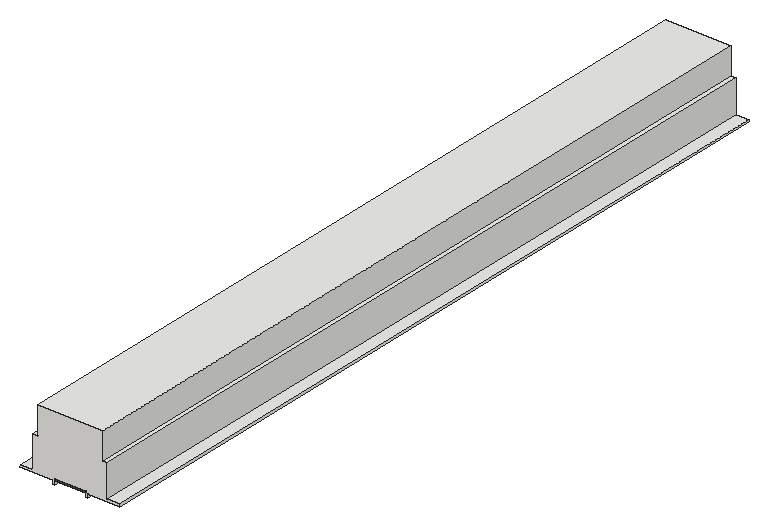
Revit family "MADEL_DIFFUSER_HIDDEN LINEAR_LOOK-CM_0", category Air Terminals, Revit 2015
Parameters (values of type "LOOK-CM 20x500")
  n_factor = 27.054
  m_factor = 1.9026
  c_factor = 7.2288
  b_factor = -0.14546
  Width_Connector = 500.0 mm
  Vmin = 2.5 m/s  # constant formula
  Vmed = 3.5 m/s  # constant formula
  Vmax = 4.5 m/s  # constant formula
  V[m/s] [instance] = Q / Afree / 1.0 m/s  # 3.5
  URL = "http://www.madel.com/en/producto/look-hidden-linear-diffusers/"
  Standard = "UNE 23-727 M2/ NFP 92-501 M2/ DIN 4102 M2"  # constant formula
  Revit Version = "Revit 2015 - English"  # constant formula
  Review Date = "11/2016"  # constant formula
  RAL [instance] = ""
  R9010 [instance] = no
  R9005 [instance] = no
  Q [instance] = 85.05 m³/h
  Product Type [instance] = Model  # "LOOK-CM 20x500"
  Product Size = "20x500"
  Product Reference [instance] = if(Nº Options = 2, if([(D)], if(AR, "LOOK-CM-AR-CM (D)", if(ARD, "LOOK-CM-ARD-CM (D)", if(INT, "LOOK-CM-INT-CM (D)", if(ARI, "LOOK-CM-ARI-CM (D)", "Consult Manufacturer")))), if([(PM)], if(AR, "LOOK-CM-AR-CM (PM)", if(ARD, "LOOK-CM-ARD-CM (PM)", if(INT, "LOOK-CM-INT-CM (PM)", if(ARI, "LOOK-CM-ARI-CM (PM)", "Consult Manufacturer")))), "Consult Manufacturer")), if(Nº Options = 1, if(AR, "LOOK-CM-AR-CM", if(ARD, "LOOK-CM-ARD-CM", if(INT, "LOOK-CM-INT-CM", if(ARI, "LOOK-CM-ARI-CM", "Consult Manufacturer")))), if(Nº Options = 0, "LOOK-CM", "Consult Manufacturer")))  # "LOOK-CM-AR-CM"
  Nº Options [instance] = if(AR, 1, 0) + if(ARD, 1, 0) + if(INT, 1, 0) + if(ARI, 1, 0) + if([(D)], 1, 0) + if([(PM)], 1, 0)  # 1
  Nº Finishes [instance] = if(R9005, 1, 0) + if(R9010, 1, 0) + if(M9016, 1, 0)  # 1
  Model = "LOOK-CM 20x500"
  Material and finishes [instance] = if(and(R9005, Nº Finishes = 1), "R9005", if(and(R9010, Nº Finishes = 1), "R9010", if(and(M9016, Nº Finishes = 1), "M9016", if(Nº Finishes = 0, "Custom RAL", "Consult Manufacturer"))))  # "M9016"
  Material Difusser = MADEL_M9016
  Material Blades = MADEL_Negro Hueco
  M9016 [instance] = yes
  Lw (dB(A)) [instance] = n_factor * (log([V[m/s]]) / log(2.7183)) + c_factor  # 41.121
  L = 500.0 mm
  Type Image = <None>
  IfcExportType = "IfcAirTerminalType"  # constant formula
  IfcExportAs = "IfcAirTerminalType"  # constant formula
  INT [instance] = no
  Height_Connector = 47.0 mm
  G_material = 1.2 mm
  G1 = 20.9 mm
  G = 38.2 mm
  Min Flow = Vmin * Afree  # 60.75 m³/h
  Max Flow = Vmax * Afree  # 109.35 m³/h
  Manufacturer = "MADEL"  # constant formula
  Family Version = "2.0"  # constant formula
  E = 63.5 mm
  Description = "MADEL_Hidden linear diffusers"  # constant formula
  DPt [instance] = (10 ^ (log([V[m/s]]) * m_factor + b_factor)) * 1.0 Pa  # 7.75651 Pa
  Type Comments = "The LOOK hidden linear diffusers are designed to combine the aesthetics with the technical performance. They can be mounted in false ceilings hiding the frame with filler and leaving visible only the slot. They allow the formation of diffuser continuous lines, with active and inactive areas, without breaking the uniformity of the whole."  # constant formula
  Created by = "BIMETRICAL"  # constant formula
  C = 47.0 mm
  BIMETRICAL Category = "AirTerminal"  # constant formula
  BIMETRICAL = "http://www.bimetrical.com"  # constant formula
  B = 20.0 mm
  Afree_factor = 0.0135 m²
  Afree = Afree_factor * L / 1000.0 mm  # 0.00675 m²
  ARI [instance] = no
  ARD [instance] = no
  AR [instance] = if(or(ARD, ARI, INT), 1 = 0, 1 = 1)  # yes
  A = 55.0 mm
  (PM) [instance] = no
  (D) [instance] = no
Types (12, lengths in mm): name | n_factor | m_factor | c_factor | b_factor | Width_Connector | Q | Product Type | Product Size | Model | Lw (dB(A)) | L | Height_Connector | G | Min Flow | Max Flow | E | DPt | C | B | Afree_factor | Afree | A
  LOOK-CM 20x2000 | 27.054 | 1.9026 | 7.2288 | -0.14546 | 2000.0 | 340.2 m³/h | "LOOK-CM 20x2000" | "20x2000" | "LOOK-CM 20x2000" | 41.121 | 2000.0 | 47.0 | 38.2 | 243 m³/h | 437.4 m³/h | 63.5 | 7.75651 Pa | 47.0 | 20.0 | 0.0135 m² | 0.0270 m² | 55.0
  LOOK-CM 30x2000 | 28.103 | 1.8538 | 4.5734 | 0.14092 | 2000.0 | 501.48 m³/h | "LOOK-CM 30x2000" | "30x2000" | "LOOK-CM 30x2000" | 39.7798 | 2000.0 | 76.0 | 45.2 | 358.2 m³/h | 644.76 m³/h | 97.3 | 14.1097 Pa | 76.0 | 30.0 | 0.0199 m² | 0.0398 m² | 84.0
  LOOK-CM 40x1500 | 30.365 | 1.899 | 0.3225 | 0.36284 | 1500.0 | 421.47 m³/h | "LOOK-CM 40x1500" | "40x1500" | "LOOK-CM 40x1500" | 38.3626 | 1500.0 | 86.0 | 45.2 | 301.05 m³/h | 541.89 m³/h | 107.3 | 24.8905 Pa | 86.0 | 40.0 | 0.0223 m² | 0.03345 m² | 94.0
  LOOK-CM 40x2000 | 30.365 | 1.899 | 0.3225 | 0.36284 | 2000.0 | 561.96 m³/h | "LOOK-CM 40x2000" | "40x2000" | "LOOK-CM 40x2000" | 38.3626 | 2000.0 | 86.0 | 45.2 | 401.4 m³/h | 722.52 m³/h | 107.3 | 24.8905 Pa | 86.0 | 40.0 | 0.0223 m² | 0.0446 m² | 94.0
  LOOK-CM 20x500 | 27.054 | 1.9026 | 7.2288 | -0.14546 | 500.0 | 85.05 m³/h | "LOOK-CM 20x500" | "20x500" | "LOOK-CM 20x500" | 41.121 | 500.0 | 47.0 | 38.2 | 60.75 m³/h | 109.35 m³/h | 63.5 | 7.75651 Pa | 47.0 | 20.0 | 0.0135 m² | 0.00675 m² | 55.0
  LOOK-CM 20x1000 | 27.054 | 1.9026 | 7.2288 | -0.14546 | 1000.0 | 170.1 m³/h | "LOOK-CM 20x1000" | "20x1000" | "LOOK-CM 20x1000" | 41.121 | 1000.0 | 47.0 | 34.8 | 121.5 m³/h | 218.7 m³/h | 63.5 | 7.75651 Pa | 47.0 | 20.0 | 0.0135 m² | 0.0135 m² | 55.0
  LOOK-CM 20x1500 | 27.054 | 1.9026 | 7.2288 | -0.14546 | 1500.0 | 255.15 m³/h | "LOOK-CM 20x1500" | "20x1500" | "LOOK-CM 20x1500" | 41.121 | 1500.0 | 47.0 | 38.2 | 182.25 m³/h | 328.05 m³/h | 63.5 | 7.75651 Pa | 47.0 | 20.0 | 0.0135 m² | 0.02025 m² | 55.0
  LOOK-CM 30x1000 | 28.103 | 1.8538 | 4.5734 | 0.14092 | 1000.0 | 250.74 m³/h | "LOOK-CM 30x1000" | "30x1000" | "LOOK-CM 30x1000" | 39.7798 | 1000.0 | 76.0 | 45.2 | 179.1 m³/h | 322.38 m³/h | 97.3 | 14.1097 Pa | 76.0 | 30.0 | 0.0199 m² | 0.0199 m² | 84.0
  LOOK-CM 30x500 | 28.103 | 1.8538 | 4.5734 | 0.14092 | 500.0 | 125.37 m³/h | "LOOK-CM 30x500" | "30x500" | "LOOK-CM 30x500" | 39.7798 | 500.0 | 76.0 | 45.2 | 89.55 m³/h | 161.19 m³/h | 97.3 | 14.1097 Pa | 76.0 | 30.0 | 0.0199 m² | 0.00995 m² | 84.0
  LOOK-CM 30x1500 | 28.103 | 1.8538 | 4.5734 | 0.14092 | 1500.0 | 376.11 m³/h | "LOOK-CM 30x1500" | "30x1500" | "LOOK-CM 30x1500" | 39.7798 | 1500.0 | 76.0 | 45.2 | 268.65 m³/h | 483.57 m³/h | 97.3 | 14.1097 Pa | 76.0 | 30.0 | 0.0199 m² | 0.02985 m² | 84.0
  LOOK-CM 40x500 | 30.365 | 1.899 | 0.3225 | 0.36284 | 500.0 | 140.49 m³/h | "LOOK-CM 40x500" | "40x500" | "LOOK-CM 40x500" | 38.3626 | 500.0 | 86.0 | 45.2 | 100.35 m³/h | 180.63 m³/h | 107.3 | 24.8905 Pa | 86.0 | 40.0 | 0.0223 m² | 0.01115 m² | 94.0
  LOOK-CM 40x1000 | 30.365 | 1.899 | 0.3225 | 0.36284 | 1000.0 | 280.98 m³/h | "LOOK-CM 40x1000" | "40x1000" | "LOOK-CM 40x1000" | 38.3626 | 1000.0 | 86.0 | 45.2 | 200.7 m³/h | 361.26 m³/h | 107.3 | 24.8905 Pa | 86.0 | 40.0 | 0.0223 m² | 0.0223 m² | 94.0
Reference planes
  plane 1 "Centro (Frontal/Posterior)": z = -1.2
  plane 2: y = 245
  plane 3 "Centro (Izquierda/Derecha)": x = 0
  plane 4: z = 0
  plane 5: x = -20
  plane 6: x = 20
  plane 7: x = -23.5
  plane 8: x = 23.5
  plane 9: z = 20.9
  plane 10: z = 38.2
  plane 11: z = -3.4
  plane 12: x = -11.2
  plane 13: x = 11.2
  plane 14: y = -5
  plane 15: y = 495
  plane 16: x = -31.75
  plane 17: x = 31.75
  plane 18: x = -20.5
  plane 19: x = 20.5
  plane 20: x = -27.5
  plane 21: x = 27.5
  plane 22 "Linea simbolica 1": x = -10
  plane 23 "linea simbolica 2": x = 10
Forms (mm)
  Extrusion 1, solid, material "MADEL_M9016" <- "Material Difusser"
    sketch origin (0, 995, 5) x (1, 0, 0) y (0, 0, 1)
      loop
        line (-31.75, -6.2) -> (-11.2, -6.2) -> (-11.2, -8.4) -> (-10, -8.4) -> (-10, -5) -> (10, -5) -> (10, -8.4) -> (11.2, -8.4) -> (11.2, -6.2) -> (31.75, -6.2) -> (31.75, -5) -> (23.5, -5) -> (23.5, 15.9) -> (20.5, 15.9) -> (20.5, 33.2) -> (-20.5, 33.2) -> (-20.5, 15.9) -> (-23.5, 15.9) -> (-23.5, -5) -> (-31.75, -5) -> (-31.75, -6.2)
    from 500 to 1000
  Extrusion 2, solid
    sketch origin (0, 0, 0) x (1, 0, 0) y (0, 1, 0)
      loop
        line (-2.5, 247.5) -> (-2.5, 242.5) -> (2.5, 242.5) -> (2.5, 247.5) -> (-2.5, 247.5)
    from 2.675 to 0
  Extrusion 3, solid, material "MADEL_Negro Hueco" <- "Material Blades"
    sketch origin (0, 245, 5) x (1, 0, 0) y (0, 0, 1)
      loop
        line (-10, -6.2) -> (10, -6.2) -> (10, -5) -> (-10, -5) -> (-10, -6.2)
    from -250 to 250
Lines and regions (mm)
  symbolic lines
    curve 1: line (-10, -5, 0) -> (-10, 495, 0)
    curve 2: line (10, -5, 0) -> (10, 495, 0)
    curve 3: line (-31.75, -5, -1.2) -> (31.75, -5, -1.2)
    curve 4: line (-31.75, 495, -1.2) -> (-31.75, -5, -1.2)
    curve 5: line (31.75, 495, -1.2) -> (-31.75, 495, -1.2)
    curve 6: line (31.75, -5, -1.2) -> (31.75, 495, -1.2)
Dimensions and locks
  Extrusion 1 sketch curve to Extrusion 1 sketch curve = 1.2 mm  (x3)
  "G_material": plane 4 to plane 1 "Centro (Frontal/Posterior)"
  plane 1 "Centro (Frontal/Posterior)" to plane 11 = 2.2 mm
  "G": plane 10 to level
  "G1": plane 9 to plane 4
  equal spacing: plane 14, plane 2, plane 15
  "L": plane 14 to plane 15
  equal spacing: plane 8, plane 3 "Centro (Izquierda/Derecha)", plane 7
  equal spacing: plane 17, plane 3 "Centro (Izquierda/Derecha)", plane 16
  equal spacing: plane 6, plane 3 "Centro (Izquierda/Derecha)", plane 5
  "C": plane 8 to plane 7
  "E": plane 17 to plane 16
  equal spacing: plane 19, plane 3 "Centro (Izquierda/Derecha)", plane 18
  locked: plane 18 to plane 7 at 3
  equal spacing: plane 21, plane 3 "Centro (Izquierda/Derecha)", plane 20
  "A": plane 21 to plane 20
  "B": plane 22 "Linea simbolica 1" to plane 23 "linea simbolica 2"
  "G_material": plane 12 to plane 22 "Linea simbolica 1"
  "G_material": plane 13 to plane 23 "linea simbolica 2"
  equal spacing: plane 22 "Linea simbolica 1", plane 3 "Centro (Izquierda/Derecha)", plane 23 "linea simbolica 2"
  aligned and locked: plane 13 to Extrusion 1
  aligned and locked: Extrusion 1 to plane 14
  aligned and locked: plane 15 to Extrusion 1
  aligned and locked: plane 1 "Centro (Frontal/Posterior)" to Extrusion 1
  aligned and locked: plane 4 to Extrusion 1
  aligned and locked: Extrusion 1 to plane 18
  aligned and locked: plane 19 to Extrusion 1
  aligned and locked: Extrusion 1 to plane 17
  aligned and locked: Extrusion 1 to plane 16
  aligned and locked: curve 1 to plane 22 "Linea simbolica 1"
  aligned and locked: plane 23 "linea simbolica 2" to curve 2
  aligned and locked: Extrusion 1 to plane 22 "Linea simbolica 1"
  aligned and locked: Extrusion 1 to plane 23 "linea simbolica 2"
  aligned and locked: plane 4 to Extrusion 2
  aligned and locked: Extrusion 1 to plane 11  (x2)
  aligned and locked: Extrusion 1 sketch curve to level
  aligned and locked: plane 1 "Centro (Frontal/Posterior)" to Extrusion 3 sketch curve
  aligned and locked: plane 23 "linea simbolica 2" to Extrusion 3 sketch curve
  aligned and locked: plane 22 "Linea simbolica 1" to Extrusion 3 sketch curve
  aligned and locked: level to Extrusion 3 sketch curve
  aligned and locked: plane 15 to Extrusion 3
  aligned and locked: Extrusion 3 to plane 14
  aligned and locked: plane 14 to curve 3
  aligned and locked: plane 16 to curve 4
  aligned and locked: curve 5 to plane 15
  aligned and locked: plane 17 to curve 6
Automatic sketch dimensions
  curve 2 to plane 14 = 0.0 mm
  curve 1 to plane 14 = 0.0 mm
  curve 2 to plane 15 = 0.0 mm
  curve 1 to plane 15 = 0.0 mm
  Extrusion 2 sketch curve to plane 3 "Centro (Izquierda/Derecha)" = 2.5 mm
  plane 3 "Centro (Izquierda/Derecha)" to Extrusion 2 sketch curve = 2.5 mm
  plane 2 to Extrusion 2 sketch curve = 2.5 mm
  Extrusion 2 sketch curve to plane 2 = 2.5 mm
  Extrusion 1 sketch curve to level = 0.0 mm  (x2)
  Extrusion 1 sketch curve to plane 16 = 0.0 mm
  Extrusion 1 sketch curve to plane 7 = 0.0 mm
  Extrusion 1 sketch curve to plane 10 = 0.0 mm
  Extrusion 1 sketch curve to plane 18 = 0.0 mm
  Extrusion 1 sketch curve to plane 12 = 0.0 mm
  Extrusion 1 sketch curve to plane 11 = 0.0 mm  (x2)
  Extrusion 1 sketch curve to plane 23 "linea simbolica 2" = 0.0 mm
  Extrusion 1 sketch curve to plane 19 = 0.0 mm
  Extrusion 1 sketch curve to plane 8 = 0.0 mm
  plane 17 to Extrusion 1 sketch curve = 0.0 mm
  Extrusion 1 sketch curve to plane 1 "Centro (Frontal/Posterior)" = 0.0 mm
  Extrusion 1 sketch curve to plane 9 = 0.0 mm  (x2)
Connectors
  hvac at (0, 245, 0), driven by "Height_Connector", driven by "Width_Connector", driven by "Q", driven by "DPt"
    settings: on Extrusion 2, index 1, duct flow 85.05 m³/h, flow factor 0, pres drop 7.75651 Pa, loss coef 0, conn angle 0.00°, conn width 500 mm, conn height 47 mm, conn diameter 609.6 mm, duct sys type 1, conn prof type 1, flow config 1, flow direction 1, loss method 4, conn ref index -1, conn util no, is conn primary yes, conn desc ""
